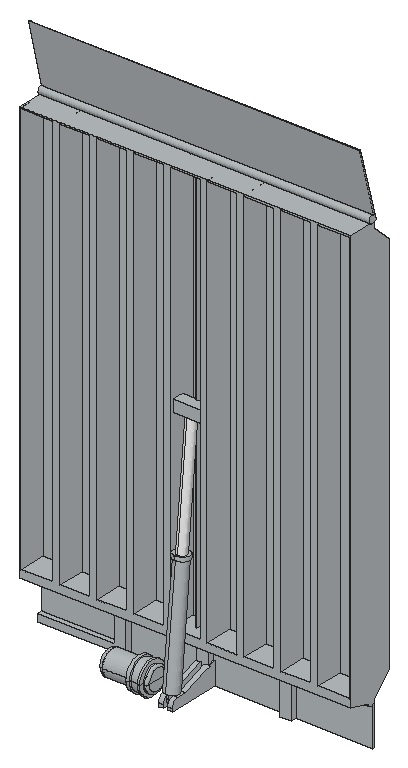
Revit family "DockEquipment_Leveler_Pentalift_HDV", category Specialty Equipment, host Face, Revit 2023
Family settings
  Host = Face
  Round Connector Dimension = Use Diameter
  Part Type = Normal
  Enable Cutting in Views = No
  Cut with Voids When Loaded = No
  Maintain Annotation Orientation = No
  Shared = No
  Room Calculation Point = No
Parameters
  YTotal [instance] = InclHeight + Unit Depth - 0' 2 1/4"  # 4' - 5 15/16"
  XDim [instance] = ((((Platform Length / 2) - 0' 0 3/4") * cos(Incline Angle)) + (0' 3 3/4" * sin(Incline Angle))) - 0' 10 1/8" + 0' 0 3/4"  # -0' - 5 5/8"
  Warranty Duration (Years) = 0
  Unit Width = 6' - 0"
  Unit Depth = 0' - 10"
  URL = "http://www.pentalift.com/index.php"
  Test Data = ""
  Specification = ""
  SpecWizard = ""
  Send Message = "http://www.arcat.com/users.pl?action=UserEmail&company=Pentalift Equipment Corp.&coid=34752&rep=119&fax=519-763-2894&mf="
  Sales Information = "http://www.pentalift.com/about-us.htm"
  Revision = "R1_1_2012"
  Product Properties = ""
  Product Data = "http://www.arcat.com/arcatcos/cos34/arc34752.html"
  Pit Length = 8' - 0"
  PistonAngle [instance] = if(PA < 0.00°, (90.00° - abs(PA)) + 90.00°, PA)  # 95.9537°
  Piston Length [instance] = abs(XDim / cos(PA))  # 4' - 6.23002"
  PL/2 [instance] = Piston Length / 2  # 2' - 3.11501"
  Platform Length = 7' - 9 7/8"
  PA [instance] = atan(YTotal / XDim)  # -84.0463°
  Model = "As Specified"
  Material = Metal - Steel - Pentalift - Painted - Gray
  Manufacturer Website = "http://www.pentalift.com/index.php"
  Manufacturer Phone - Toll Free = ""
  Manufacturer Phone = "519-763-3625"
  Manufacturer Fax = "519-763-2894"
  Manufacturer Address = "21 Nicholas Beaver Rd. Guelph, ON, Canada N1H 6H9 "
  Manufacturer = "Pentalift Equipment Corp."
  Maintenance Schedule (Months) = 0
  Lip Length [instance] = 1' - 4"
  Lip Angle [instance] = 0.00°
  Keynote = "11160"
  Installation-Fabrication = ""
  Installation Phase = ""
  Incline Angle [instance] = 90.00°
  InclHeight [instance] = (((Platform Length / 2) - 0' 0 3/4") * sin(Incline Angle)) - (0' 3 3/4" * cos(Incline Angle))  # 3' - 10 3/16"
  Green Building-LEED = ""
  Pit Extension Right [instance] = 0' - 0"
  Pit Extension Left [instance] = 0' - 0"
  Expected Lifespan (Years) = 0
  Drawn By = "Sumex Design, Inc. / Robert S. Weygant, CSI, CDT, SCIP"
  Description = "Pentalift Dock Equipment as Specified"
  Default Elevation = 4' - 0"
  Copyright = "©Arcat Inc."
  Construction Details = "http://www.arcat.com/details/pentalif/pentalif.html?coid=34752"
  Capacity (Weight) = 100.00 kip
  Building Codes = ""
  Assembly Code = "E1030300"
Reference planes (in)
  plane 1 "Center (Front/Back)": y = 0
  plane 2: z = 0
  plane 3 "Center (Left/Right)": x = 0
  plane 4: y = 48
  plane 5: y = -48
  plane 6: x = -36
  plane 7: x = 36
  plane 8: z = -10
  plane 9: x = -18
  plane 10: x = 18
  plane 11: y = 37.875
  plane 12: z = -8.5
  plane 13: z = -6
  plane 14: x = -36
  plane 15: x = 36
Forms (in)
  Extrusion 1, void
    sketch origin (0, 0, 0) x (1, 0, 0) y (0, 1, 0)
      loop
        line (-36, -48) -> (36, -48) -> (36, 48) -> (-36, 48) -> (-36, -48)
    from 0 to -10
  Sweep 2, solid, material "Metal - Steel - Pentalift - Painted - Gray" <- "Material"
    path origin (-11.83813, 48, 48) x (-1, 0, 0) y (0, 0, 1)
      loop
        line (6.16187, -58) -> (6.16187, -49.5)
    profile origin (-18, 48, -5.75) x (1, 0, 0) y (0, 1, 0)
      loop
        line (-1.25, -0.25) -> (-1.25, -1.5) -> (1.25, -1.5) -> (1.25, -0.25) -> (-1.25, -0.25)
  Sweep 3, solid, material "Metal - Steel - Pentalift - Painted - Gray" <- "Material"
    path origin (24.16187, 48, 48) x (-1, 0, 0) y (0, 0, 1)
      loop
        line (6.16187, -58) -> (6.16187, -49.5)
    profile origin (18, 48, -5.75) x (1, 0, 0) y (0, 1, 0)
      loop
        line (-1.25, -0.25) -> (-1.25, -1.5) -> (1.25, -1.5) -> (1.25, -0.25) -> (-1.25, -0.25)
  Revolve 4, solid, material "Metal - Steel - Pentalift - Painted - Gray" <- "Material"
    sketch origin (0, 37.875, -8.5) x (0, 0.103725, 0.994606) y (0, -0.994606, 0.103725)
      loop
        line (1.25, 0) -> (27.11501, 0) -> (27.11501, 1.75) -> (26.36501, 1.75) -> (26.36501, 1.5) -> (1.25, 1.5) -> (1.25, 0)
      axis (1.25, 0) -> (27.11501, 0)
    angle from 0 to 360
  Revolve 5, solid, material "Metal - Chrome - Pentalift - Polished"
    sketch origin (0, 37.875, -8.5) x (0, 0.103725, 0.994606) y (0, -0.994606, 0.103725)
      loop
        line (27.11501, 0) -> (54.23002, 0) -> (54.23002, 1) -> (27.11501, 1) -> (27.11501, 0)
      axis (27.11501, 0) -> (54.23002, 0)
    angle from 0 to 360
  Extrusion 6, solid, material "Metal - Steel - Pentalift - Painted - Gray" <- "Material"
    sketch origin (-11.83813, 48, 48) x (-1, 0, 0) y (0, 0, 1)
      loop
        line (24.16187, -49.5) -> (-47.83813, -49.5) -> (-47.83813, -58) -> (24.16187, -58) -> (24.16187, -49.5)
    from 0 to -0.25
  Extrusion 7, solid, material "Metal - Steel - Pentalift - Painted - Gray" <- "Material"
    sketch origin (-15.17702, -180, -10) x (-1, 0, 0) y (0, -1, 0)
      loop
        line (4.07298, -226.5) -> (4.07298, -227.75) -> (20.82298, -227.75) -> (20.82298, -226.5) -> (4.07298, -226.5)
    from 0 to 1.5
  Extrusion 8, solid, material "Metal - Steel - Pentalift - Painted - Gray" <- "Material"
    sketch origin (0, 0, 0) x (0, 1, 0) y (0, 0, 1)
      loop
        line (48, -10) -> (48, -4.90162) -> (39.87356, -7.875) -> (37.875, -7.875)
        arc (37.875, -7.875) -> (36.81434, -8.31434) -> (36.375, -9.375) r 1.5
        line (36.375, -9.375) -> (36.375, -10) -> (48, -10)
    from 0.5 to 1.5
  Sweep 9, solid, material "Metal - Steel - Pentalift - Painted - Gray" <- "Material"
    path origin (6.16187, 48, 48) x (-1, 0, 0) y (0, 0, 1)
      loop
        line (6.16187, -58) -> (6.16187, -49.5)
    profile origin (0, 48, -5.75) x (1, 0, 0) y (0, 1, 0)
      loop
        line (-1.25, -0.25) -> (-1.25, -1.5) -> (1.25, -1.5) -> (1.25, -0.25) -> (-1.25, -0.25)
  Revolve 10, solid, material "Metal - Steel - Pentalift - Painted - Gray" <- "Material"
    sketch origin (19.5, -180, -6) x (-1, 0, 0) y (0, -1, 0)
      loop
        line (22.5, -217.875) -> (22.5, -220.125)
        arc (22.5, -220.125) -> (22.64645, -220.47855) -> (23, -220.625) r 0.5
        line (23, -220.625) -> (23.5, -220.625) -> (23.5, -221.375) -> (24, -221.375) -> (24, -221.125) -> (25.75, -221.125) -> (25.75, -221.375) -> (26.5, -221.375) -> (26.5, -220.625) -> (32.25, -220.625)
        arc (32.25, -220.625) -> (32.95711, -220.33211) -> (33.25, -219.625) r 1
        line (33.25, -219.625) -> (33.25, -217.875) -> (22.5, -217.875)
      axis (22.5, -217.875) -> (33.25, -217.875)
    angle from 0 to 360
  Extrusion 11, solid, material "Metal - Steel - Pentalift - Painted - Gray" <- "Material"
    sketch origin (0, 37.875, -8.5) x (0, 0.103725, 0.994606) y (0, -0.994606, 0.103725)
      loop
        line (1.25, 1) -> (0, 1)
        arc (0, 1) -> (-1, 0) -> (0, -1) r 1
        line (0, -1) -> (1.25, -1) -> (1.25, 1)
    from -0.25 to 0.25
  Extrusion 12, solid, material "Metal - Steel - Pentalift - Painted - Gray" <- "Material"
    sketch origin (0, 0, 0) x (0, 1, 0) y (0, 0, 1)
      loop
        line (48, -10) -> (48, -4.90162) -> (39.87356, -7.875) -> (37.875, -7.875)
        arc (37.875, -7.875) -> (36.81434, -8.31434) -> (36.375, -9.375) r 1.5
        line (36.375, -9.375) -> (36.375, -10) -> (48, -10)
    from -0.5 to -1.5
Cuts and joins
  joined: Sweep 2, Sweep 3, Extrusion 6, Extrusion 7, Extrusion 8, Sweep 9, Extrusion 12
  joined: Revolve 4, Extrusion 11
Lines and regions (in)
  reference lines
    curve 1: line (0, 47.25, -0.75) -> (0, 47.25, 75.25)
    curve 2: line (0, 37.875, -8.5) -> (0, 43.37242, 44.21412)
Text (in)
  text "Needs electrical connection - assume this would connect to hydraulic motor..." at (51.60765, 15.26914, 0), in view "Ref. Level"
Dimensions and locks (in)
  "Unit Depth": level to plane 8
  equal spacing: plane 4, plane 1 "Center (Front/Back)", plane 5
  equal spacing: plane 6, plane 3 "Center (Left/Right)", plane 7
  "Unit Width": plane 6 to plane 7
  equal spacing: plane 6, plane 9, plane 3 "Center (Left/Right)"
  locked: plane 4 to plane 11 at 10.125
  locked: plane 12 to plane 8 at 1.5
  equal spacing: plane 3 "Center (Left/Right)", plane 10, plane 7
  "PL/2": curve 2 to Revolve 4 sketch curve
  locked: Revolve 4 sketch curve to Revolve 4 sketch curve at 0.75
  "PL/2": Revolve 5 sketch curve to curve 2
  "Piston Length": curve 2 to Revolve 5 sketch curve
  locked: plane 13 to plane 12 at 2.5
  "Pit Length": plane 4 to plane 5
  "Pit Extension Right": plane 7 to plane 15
  "Pit Extension Left": plane 14 to plane 6
  locked: plane 4 to curve 1 at 0.75
  locked: level to curve 1 at 0.75
  locked: Revolve 10 sketch curve to plane 3 "Center (Left/Right)" at 13.75
  "Incline Angle": angle level to curve 1
  "PistonAngle": angle plane 12 to curve 2
  aligned and locked: plane 2 to host face
  aligned and locked: level to host face
  aligned and locked: Extrusion 1 to plane 8
Automatic sketch dimensions
  host sketch curve to host sketch curve = 8' - 0"
  host sketch curve to host sketch curve = 9' - 11.43093"
  Extrusion 1 sketch curve to plane 4 = 0' - 0"
  Extrusion 1 sketch curve to plane 14 = 0' - 0"
  Extrusion 1 sketch curve to plane 5 = 0' - 0"
  Extrusion 1 sketch curve to plane 15 = 0' - 0"
  curve 2 to plane 11 = 0' - 0"
  curve 2 to plane 12 = 0' - 0"
  Sweep 2 sketch curve to plane 9 = 0' - 0"
  Sweep 2 sketch curve to plane 8 = 0' - 0"
  Sweep 2 sketch curve to level = 0' - 1 1/2"
  profile plane to Sweep 2 sketch curve = 0' - 1 1/4"
  Sweep 2 sketch curve to profile plane = 0' - 1 1/4"
  Sweep 2 sketch curve to plane 4 = 0' - 1 1/2"
  Sweep 2 sketch curve to plane 4 = 0' - 0 1/4"
  Sweep 3 sketch curve to plane 10 = 0' - 0"
  Sweep 3 sketch curve to plane 8 = 0' - 0"
  Sweep 3 sketch curve to level = 0' - 1 1/2"
  profile plane to Sweep 3 sketch curve = 0' - 1 1/4"
  Sweep 3 sketch curve to profile plane = 0' - 1 1/4"
  Sweep 3 sketch curve to plane 4 = 0' - 1 1/2"
  Sweep 3 sketch curve to plane 4 = 0' - 0 1/4"
  Revolve 5 sketch curve to curve 2 = 0' - 0"  (x2)
  Revolve 5 sketch curve to curve 2 = 0' - 1"
  Revolve 5 sketch curve to Revolve 5 sketch curve = 0' - 5 1/2"
  Revolve 5 sketch curve to Revolve 5 sketch curve = 0' - 1"
  Extrusion 6 sketch curve to plane 7 = 0' - 0"
  Extrusion 6 sketch curve to plane 6 = 0' - 0"
  Extrusion 6 sketch curve to plane 8 = 0' - 0"
  Extrusion 6 sketch curve to level = 0' - 1 1/2"
  Extrusion 7 sketch curve to plane 6 = 0' - 0"
  Extrusion 7 sketch curve to plane 9 = 0' - 1 1/4"
  Extrusion 7 sketch curve to plane 4 = 0' - 0 1/4"
  Extrusion 7 sketch curve to Extrusion 7 sketch curve = 0' - 1 1/4"
  Sweep 9 sketch curve to plane 3 "Center (Left/Right)" = 0' - 0"
  Sweep 9 sketch curve to plane 8 = 0' - 0"
  Sweep 9 sketch curve to level = 0' - 1 1/2"
  profile plane to Sweep 9 sketch curve = 0' - 1 1/4"
  Sweep 9 sketch curve to profile plane = 0' - 1 1/4"
  Sweep 9 sketch curve to plane 4 = 0' - 1 1/2"
  Sweep 9 sketch curve to plane 4 = 0' - 0 1/4"
  Extrusion 8 sketch curve to plane 8 = 0' - 0"
  Extrusion 11 sketch curve to curve 2 = 0' - 0"  (x3)
  curve 2 to Extrusion 11 sketch curve = 0' - 1"
  curve 2 to Extrusion 11 sketch curve = 0' - 1 1/4"
  Extrusion 12 sketch curve to plane 8 = 0' - 0"
  Extrusion 12 sketch curve to plane 11 = 0' - 0"
  Extrusion 12 sketch curve to plane 4 = 0' - 0"
  Extrusion 12 sketch curve to plane 13 = 0' - 1 7/8"
  Extrusion 12 sketch curve to plane 4 = 0' - 8.12644"
  plane 13 to Extrusion 12 sketch curve = 0' - 1.09838"
  Extrusion 12 sketch curve to plane 12 = 0' - 0 7/8"
  Revolve 4 sketch curve to curve 2 = 0' - 0"  (x2)
  curve 2 to Revolve 4 sketch curve = 0' - 1 1/4"
  Revolve 4 sketch curve to curve 2 = 0' - 1"
  Revolve 4 sketch curve to Revolve 4 sketch curve = 0' - 5 1/2"
  curve 2 to Revolve 4 sketch curve = 0' - 1 1/2"
  Revolve 4 sketch curve to Revolve 4 sketch curve = 0' - 0 1/4"
  plane 12 to Extrusion 8 sketch curve = 0' - 0 5/8"
  Extrusion 8 sketch curve to plane 11 = 0' - 1.99856"
  plane 13 to Extrusion 8 sketch curve = 0' - 1.09838"
  Extrusion 8 sketch curve to plane 11 = 0' - 0"
  plane 8 to Extrusion 8 sketch curve = 0' - 0 5/8"
  Extrusion 8 sketch curve to plane 4 = 0' - 0"
  Revolve 10 sketch curve to plane 11 = 0' - 0"  (x2)
  Revolve 10 sketch curve to plane 9 = 0' - 0"
  Revolve 10 sketch curve to Revolve 10 sketch curve = 0' - 1"
  Revolve 10 sketch curve to Revolve 10 sketch curve = 0' - 5 3/4"
  Revolve 10 sketch curve to Revolve 10 sketch curve = 0' - 0 3/4"  (x2)
  Revolve 10 sketch curve to Revolve 10 sketch curve = 0' - 1 3/4"
  Revolve 10 sketch curve to Revolve 10 sketch curve = 0' - 0 1/2"  (x4)
  Revolve 10 sketch curve to Revolve 10 sketch curve = 0' - 1 1/4"
  Revolve 10 sketch curve to plane 11 = 0' - 1 3/4"
  Revolve 10 sketch curve to plane 11 = 0' - 2 1/4"
  Revolve 10 sketch curve to Revolve 10 sketch curve = 0' - 0 1/4"
Nested families (in)
  nested 1: "Platform_HDV" at (0, 47.25, 45.4375) x (1, 0, 0) z (0, 1, 0), Material <- "Material", Unit Width <- "Unit Width", Unit Length <- "Platform Length", Lip Length <- "Lip Length", Lip Angle <- "Lip Angle", type "Platform_HDV"
    with offset 0' - 0", ll 1' - 3 1/4", Unit Width 6' - 0", Unit Length 7' - 9 7/8", Material Metal - Steel - Pentalift - Painted - Gray, Lip Length 1' - 4", Lip Angle 0.00°, FlapLength 3' - 4 15/16"
Definition of nested family "Platform_HDV"
  Parameters
    offset [instance] = 0' - 0"
    ll [instance] = Lip Length - 0' 0 3/4"  # 1' - 3 1/4"
    Warranty Duration (Years) = 0
    Unit Width [instance] = 6' - 0"
    Unit Length [instance] = 10' - 0"
    Unit Depth = 0' - 6 1/4"
    URL = "http://www.pentalift.com/index.php"
    Specification = ""
    SpecWizard = ""
    Send Message = "http://www.arcat.com/users.pl?action=UserEmail&company=Pentalift Equipment Corp.&coid=34752&rep=119&fax=519-763-2894&mf="
    Sales Information = "http://www.pentalift.com/about-us.htm"
    Revision = "R1_01-2012"
    Product Properties = ""
    Product Data = "http://www.arcat.com/arcatcos/cos34/arc34752.html"
    Model = "As Specified"
    Material [instance] = none
    Manufacturer Website = "http://www.pentalift.com/index.php"
    Manufacturer Phone - Toll Free = ""
    Manufacturer Phone = "519-763-3625 "
    Manufacturer Fax = "519-763-2894"
    Manufacturer Address = "21 Nicholas Beaver Rd. Guelph, ON, Canada N1H 6H9 "
    Manufacturer = "Pentalift Equipment Corp."
    Maintenance Schedule (Months) = 0
    Lip Length [instance] = 1' - 4"
    Lip Angle [instance] = 15.00°
    Keynote = "11160"
    Installation-Fabrication = ""
    Installation Phase = ""
    Green Building-LEED = ""
    FlapLength [instance] = (Unit Length / 2) - 0' 6"  # 4' - 6"
    Expected Lifespan (Years) = 0
    Drawn By = "Sumex Design, Inc. / Robert S. Weygant, CSI, CDT, SCIP"
    Description = "Pentalift Dock Equipment as Specified"
    Default Elevation = 4' - 0"
    Copyright = "©Arcat Inc."
    Construction Details = "http://www.arcat.com/details/pentalif/pentalif.html?coid=34752"
    Assembly Code = "E1030300"
  Reference planes (in)
    plane 1 "Center (Front/Back)": y = 0
    plane 2 "Bottom": z = 0
    plane 3 "Center (Left/Right)": x = 0
    plane 4 "Front": y = -60
    plane 5 "Back": y = 60
    plane 6 "Left": x = -36
    plane 7 "Right": x = 36
    plane 8 "Top": z = -5.5
    plane 9: y = -60.75
    plane 10: x = -28
    plane 11: x = -20
    plane 12: x = -12
    plane 13: x = -4
    plane 14: x = 4
    plane 15: x = 12
    plane 16: x = 20
    plane 17: x = 28
    plane 18: z = 0.75
    plane 19: y = 59.25
  Forms (in)
    Extrusion 1, solid, material <- "Material"
      sketch origin (0, 67, 0.75) x (0, 1, 0) y (-1, 0, 0)
        loop
          line (-7.3404, 36) -> (-127, 36) -> (-127, -36) -> (-7.3404, -36) -> (-7.3404, 36)
      from 0 to -0.25
    Extrusion 2, solid, material <- "Material"
      sketch origin (-11.94222, -60, 48) x (-1, 0, 0) y (0, 0, 1)
        loop
          line (24.05778, -47.25) -> (-47.94222, -47.25) -> (-47.94222, -53.5) -> (24.05778, -53.5) -> (24.05778, -47.25)
      from 0 to 0.25
    Extrusion 3, solid, material <- "Material"
      sketch origin (-36, 16.34522, 48) x (0, 1, 0) y (0, 0, 1)
        loop
          line (43.31438, -47.25) -> (-76.34522, -47.25) -> (-76.34522, -53.5) -> (41.54078, -53.5) -> (42.88877, -48.74983)
          arc (42.88877, -48.74983) -> (43.62138, -48.22132) -> (43.31438, -47.37173) r 0.75
          line (43.31438, -47.37173) -> (43.31438, -47.25)
      from 0 to 0.25
    Extrusion 4, solid, material <- "Material"
      sketch origin (36, 16.34522, 48) x (0, 1, 0) y (0, 0, 1)
        loop
          line (43.31438, -47.25) -> (-76.34522, -47.25) -> (-76.34522, -53.5) -> (41.54078, -53.5) -> (42.88877, -48.74983)
          arc (42.88877, -48.74983) -> (43.62138, -48.22132) -> (43.31438, -47.37173) r 0.75
          line (43.31438, -47.37173) -> (43.31438, -47.25)
      from 0 to -0.25
    Extrusion 5, solid, material <- "Material"
      sketch origin (0, -60.75, 0.25) x (0, -0.965926, -0.258819) y (0, 0.258819, -0.965926)
        loop
          line (-0.75, -0.75) -> (15.25, -0.75) -> (15.25, -0.5) -> (0.55902, -0.5)
          arc (0.55902, -0.5) -> (0, 0.75) -> (-0.55902, -0.5) r 0.75
          line (-0.55902, -0.5) -> (-0.75, -0.5) -> (-0.75, -0.75)
      from -36 to 36
    Extrusion 6, solid, material <- "Material"
      sketch origin (-11.94222, -60, 48) x (-1, 0, 0) y (0, 0, 1)
        loop
          line (16.80778, -47.5) -> (15.30778, -47.5) -> (15.30778, -53.5) -> (16.80778, -53.5) -> (16.80778, -47.5)
        loop
          line (8.80778, -47.5) -> (7.30778, -47.5) -> (7.30778, -53.5) -> (8.80778, -53.5) -> (8.80778, -47.5)
        loop
          line (0.80778, -47.5) -> (-0.69222, -47.5) -> (-0.69222, -53.5) -> (0.80778, -53.5) -> (0.80778, -47.5)
        loop
          line (-7.19222, -47.5) -> (-8.69222, -47.5) -> (-8.69222, -53.5) -> (-7.19222, -53.5) -> (-7.19222, -47.5)
        loop
          line (-15.19222, -47.5) -> (-16.69222, -47.5) -> (-16.69222, -53.5) -> (-15.19222, -53.5) -> (-15.19222, -47.5)
        loop
          line (-23.19222, -47.5) -> (-24.69222, -47.5) -> (-24.69222, -53.5) -> (-23.19222, -53.5) -> (-23.19222, -47.5)
        loop
          line (-31.19222, -47.5) -> (-32.69222, -47.5) -> (-32.69222, -53.5) -> (-31.19222, -53.5) -> (-31.19222, -47.5)
        loop
          line (-39.19222, -47.5) -> (-40.69222, -47.5) -> (-40.69222, -53.5) -> (-39.19222, -53.5) -> (-39.19222, -47.5)
        loop
          line (-11.81722, -47.5) -> (-12.06722, -47.5) -> (-12.06722, -50.5) -> (-11.81722, -50.5) -> (-11.81722, -47.5)
      from 0 to 116.25
    Extrusion 7, solid, material <- "Material"
      sketch origin (-36, 16.34522, 48) x (0, 1, 0) y (0, 0, 1)
        loop
          line (41.54078, -53.5) -> (42.88877, -48.74983)
          arc (42.88877, -48.74983) -> (43.62138, -48.22132) -> (43.31438, -47.37173) r 0.75
          line (43.31438, -47.37173) -> (43.31438, -47.25) -> (39.90478, -47.25) -> (39.90478, -53.5) -> (41.54078, -53.5)
      from 0 to 72
    Extrusion 8, solid, material <- "Material"
      sketch origin (-4, 53.27337, 48) x (0, 1, 0) y (0, 0, 1)
        loop
          line (-52.02337, -50.5) -> (-54.52337, -50.5) -> (-54.52337, -53) -> (-52.02337, -53) -> (-52.02337, -50.5)
      from 0 to 8
    Extrusion 9, solid, material <- "Material"
      sketch origin (-36, 16.34522, 48) x (0, 1, 0) y (0, 0, 1)
        loop
          line (42.65478, -47.25) -> (38.65478, -43.25) -> (-71.34522, -43.25) -> (-75.34522, -47.25) -> (42.65478, -47.25)
      from 0 to 0.25
    Extrusion 10, solid, material <- "Material"
      sketch origin (36, 16.34522, 48) x (0, 1, 0) y (0, 0, 1)
        loop
          line (42.65478, -47.25) -> (38.65478, -43.25) -> (-71.34522, -43.25) -> (-75.34522, -47.25) -> (42.65478, -47.25)
      from 0 to -0.25
  Cuts and joins
    joined: Extrusion 1, Extrusion 2, Extrusion 3, Extrusion 4, Extrusion 6, Extrusion 7, Extrusion 8, Extrusion 9, Extrusion 10
  Lines and regions (in)
    reference lines
      curve 1: line (0, -60.75, 0.25) -> (0, -85.86407, -6.4793)
      curve 2: line (0, -60.75, 0.25) -> (0, -61.33234, 2.42333)
  Dimensions and locks (in)
    equal spacing: plane 6 "Left", plane 3 "Center (Left/Right)", plane 7 "Right"
    "Unit Width": plane 6 "Left" to plane 7 "Right"
    equal spacing: plane 5 "Back", plane 1 "Center (Front/Back)", plane 4 "Front"
    "Unit Length": plane 5 "Back" to plane 4 "Front"
    locked: plane 4 "Front" to plane 9 at 0.75
    equal spacing: plane 6 "Left", plane 10, plane 11, plane 12, plane 13, plane 14, plane 15, plane 16, plane 17, plane 7 "Right"
    locked: curve 1 to level at 0.25
    "ll": Extrusion 5 sketch curve to curve 2
    locked: curve 2 to Extrusion 5 sketch curve at 0.75
    locked: plane 18 to level at 0.75
    "Unit Depth": plane 18 to plane 8 "Top"
    locked: plane 5 "Back" to plane 19 at 0.75
    locked: plane 19 to cut or joined group of Extrusion 1, Extrusion 2, Extrusion 3, Extrusion 4, Extrusion 6, Extrusion 7, Extrusion 8, Extrusion 9, Extrusion 10 at 3
    aligned and locked: Extrusion 5 to plane 6 "Left"
    aligned and locked: Extrusion 5 to plane 7 "Right"
    aligned and locked: plane 7 "Right" to Extrusion 7
    aligned and locked: plane 14 to Extrusion 8
  Automatic sketch dimensions
    curve 2 to curve 1 = 0' - 0"  (x2)
    curve 2 to curve 1 = 0' - 2 1/4"
    Extrusion 5 sketch curve to curve 1 = 0' - 0"  (x2)
    curve 1 to Extrusion 5 sketch curve = 0' - 0 1/2"
    curve 1 to Extrusion 5 sketch curve = 0' - 0 3/4"
    Extrusion 5 sketch curve to Extrusion 5 sketch curve = 0' - 0 1/4"
    Extrusion 5 sketch curve to Extrusion 5 sketch curve = 0' - 0"
    curve 1 to plane 9 = 0' - 0"
    curve 1 to plane 8 "Top" = 0' - 0.9793"
    plane 9 to curve 1 = 2' - 1.11407"
    Extrusion 2 sketch curve to plane 7 "Right" = 0' - 0"
    Extrusion 2 sketch curve to plane 6 "Left" = 0' - 0"
    Extrusion 2 sketch curve to plane 8 "Top" = 0' - 0"
    Extrusion 2 sketch curve to plane 18 = 0' - 0"
    Extrusion 1 sketch curve to plane 4 "Front" = 0' - 0"
    Extrusion 1 sketch curve to plane 5 "Back" = 0' - 0.3404"
    Extrusion 1 sketch curve to plane 7 "Right" = 0' - 0"
    Extrusion 1 sketch curve to plane 6 "Left" = 0' - 0"
    Extrusion 3 sketch curve to plane 4 "Front" = 0' - 0"
    Extrusion 3 sketch curve to plane 8 "Top" = 0' - 0"
    Extrusion 3 sketch curve to level = 0' - 0"
    Extrusion 3 sketch curve to plane 19 = 0' - 0"
    plane 19 to Extrusion 3 sketch curve = 0' - 1.364"
    plane 19 to Extrusion 3 sketch curve = 0' - 0.01602"
    Extrusion 3 sketch curve to plane 18 = 0' - 0"
    Extrusion 3 sketch curve to plane 18 = 0' - 0.12173"
    Extrusion 4 sketch curve to plane 4 "Front" = 0' - 0"
    Extrusion 4 sketch curve to plane 8 "Top" = 0' - 0"
    Extrusion 4 sketch curve to level = 0' - 0"
    Extrusion 4 sketch curve to plane 19 = 0' - 0"
    Extrusion 4 sketch curve to plane 18 = 0' - 0"
    plane 19 to Extrusion 4 sketch curve = 0' - 1.364"
    plane 19 to Extrusion 4 sketch curve = 0' - 0.01602"
    Extrusion 4 sketch curve to plane 5 "Back" = 0' - 0.3404"
    Extrusion 4 sketch curve to level = 0' - 0.74983"
    Extrusion 7 sketch curve to plane 8 "Top" = 0' - 0"
    Extrusion 7 sketch curve to plane 18 = 0' - 0"
    Extrusion 7 sketch curve to level = 0' - 0"
    Extrusion 7 sketch curve to plane 19 = 0' - 0"
    plane 19 to Extrusion 7 sketch curve = 0' - 0.01602"
    plane 19 to Extrusion 7 sketch curve = 0' - 1.364"
    plane 19 to Extrusion 7 sketch curve = 0' - 3"
    Extrusion 7 sketch curve to plane 18 = 0' - 0.12173"
    Extrusion 7 sketch curve to plane 5 "Back" = 0' - 0.3404"
    plane 1 "Center (Front/Back)" to Extrusion 8 sketch curve = 0' - 1 1/4"
    plane 8 "Top" to Extrusion 8 sketch curve = 0' - 0 1/2"
    Extrusion 8 sketch curve to plane 1 "Center (Front/Back)" = 0' - 1 1/4"
    Extrusion 8 sketch curve to level = 0' - 2 1/2"
    Extrusion 9 sketch curve to plane 18 = 0' - 0"
    plane 4 "Front" to Extrusion 9 sketch curve = 0' - 1"
    plane 4 "Front" to Extrusion 9 sketch curve = 0' - 5"
    plane 19 to Extrusion 9 sketch curve = 0' - 4 1/4"
    plane 19 to Extrusion 9 sketch curve = 0' - 0 1/4"
    plane 18 to Extrusion 9 sketch curve = 0' - 4"
    Extrusion 10 sketch curve to plane 18 = 0' - 0"
    plane 4 "Front" to Extrusion 10 sketch curve = 0' - 1"
    plane 4 "Front" to Extrusion 10 sketch curve = 0' - 5"
    plane 19 to Extrusion 10 sketch curve = 0' - 4 1/4"
    plane 19 to Extrusion 10 sketch curve = 0' - 0 1/4"
    plane 18 to Extrusion 10 sketch curve = 0' - 4"
    Extrusion 6 sketch curve to plane 8 "Top" = 0' - 0"  (x8)
    Extrusion 6 sketch curve to plane 18 = 0' - 0 1/4"  (x9)
    plane 17 to Extrusion 6 sketch curve = 0' - 0 3/4"
    Extrusion 6 sketch curve to plane 17 = 0' - 0 3/4"
    plane 16 to Extrusion 6 sketch curve = 0' - 0 3/4"
    Extrusion 6 sketch curve to plane 16 = 0' - 0 3/4"
    plane 15 to Extrusion 6 sketch curve = 0' - 0 3/4"
    Extrusion 6 sketch curve to plane 15 = 0' - 0 3/4"
    plane 14 to Extrusion 6 sketch curve = 0' - 0 3/4"
    Extrusion 6 sketch curve to plane 14 = 0' - 0 3/4"
    plane 3 "Center (Left/Right)" to Extrusion 6 sketch curve = 0' - 0 1/8"
    Extrusion 6 sketch curve to plane 3 "Center (Left/Right)" = 0' - 0 1/8"
    plane 13 to Extrusion 6 sketch curve = 0' - 0 3/4"
    Extrusion 6 sketch curve to plane 13 = 0' - 0 3/4"
    plane 12 to Extrusion 6 sketch curve = 0' - 0 3/4"
    Extrusion 6 sketch curve to plane 12 = 0' - 0 3/4"
    plane 11 to Extrusion 6 sketch curve = 0' - 0 3/4"
    Extrusion 6 sketch curve to plane 11 = 0' - 0 3/4"
    plane 10 to Extrusion 6 sketch curve = 0' - 0 3/4"
    Extrusion 6 sketch curve to plane 10 = 0' - 0 3/4"
    Extrusion 6 sketch curve to level = 0' - 2 1/2"
    radius of Extrusion 5 sketch curve = 0' - 0 3/4"
    radius of Extrusion 3 sketch curve = 0' - 0 3/4"
